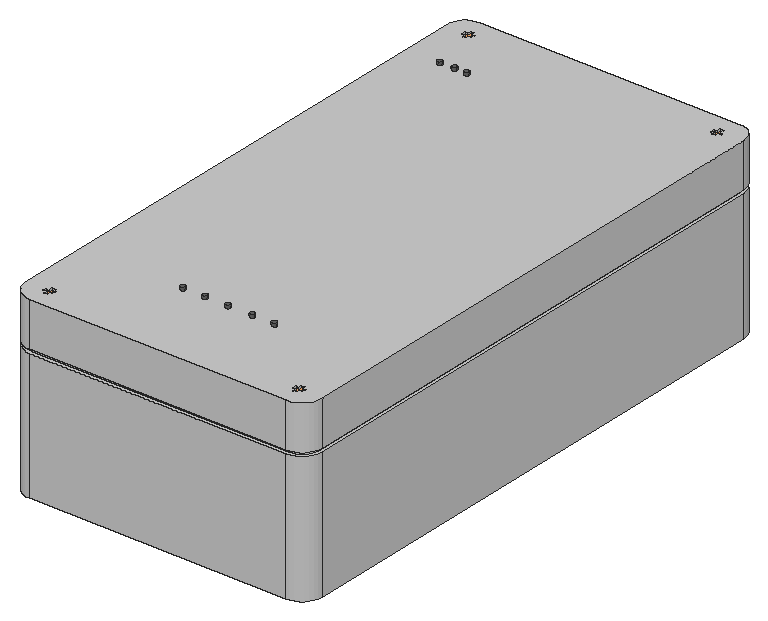
Revit family "DLCPCC", category Communication Devices, host Face, Revit 2014
Parameters
  Warranty = "5-Years Warranty"  # constant formula
  Type Comments = "Photocell Controller"  # constant formula
  Product Page URL = "https://www.hubbell.com/hubbellcontrolsolutions/en/Products/Lighting-Controls/Lighting-Controls-Sensors/Daylight-Harvesting-Controls/DLCPCC/p/220890"
  Product Documentation Link = "https://hubbellcdn.com/specsheet/5502A_DLCPCC_Cutsheet.pdf"
  URL = "https://www.hubbell.com/hubbellcontrolsolutions/en"
  Model = "DLCPCC"  # constant formula
  Manufacturer = "Hubbell Control Solutions"  # constant formula
  Width = 2.00"
  Features = "Adjustable on/off set points\r\n• Dual power unit input: 24VAC or 24VDC\r\n• Flexible control options\r\n• Input time delay\r\n• Two set points available for separate on and off levels\r\n• Five-year limited warranty\r\n• Low voltage device: 24 Vdc"  # constant formula
  Certifications = "ETL/UL 916"
  Metal = Gold
  Height = 4.50"
  Gray = Paint - Hubbell - Gray Smooth
  Description = "Hubbell Controls' DLCPCC is the ideal system for providing indoor, outdoor,\r\nor skylight control of lighting circuits based on daylight. The DLCPCC lighting\r\ncontroller automatically switches a dry contact in response to changes in natural\r\nlight levels. The DLCPCC provides a maintained single pole, double throw “Form\r\nC” relay output to drive electrically-held contactors or relays, or inputs to Building\r\nAutomation Systems. The low voltage controller requires a remotely mounted\r\nphotoconductive (PC) sensor (sold separately). "  # constant formula
  Default Elevation = 48.00"
  Create Date = "03/12/2019"
  Copyright = "Copyright © 2019 Hubbell Control Solutions"  # constant formula
  Contact Us = "https://www.hubbell.com/hubbellcontrolsolutions/en/contactUs"
  Black = Paint - Hubbell - Carbon Black
  Assembly Code = "D5090"
Reference planes (in)
  plane 1 "Center (Front/Back)": y = 13.01342
  plane 2: z = 0
  plane 3 "Center (Left/Right)": x = 0
  plane 4: z = 1.23
  plane 5: y = 15.39342
  plane 6: y = 10.63342
  plane 7: x = -1.25
  plane 8: x = 1.25
Forms (in)
  Extrusion 1, solid, material "Paint - Hubbell - Gray Smooth" <- "Gray"
    sketch origin (0, 0, 0) x (1, 0, 0) y (0, 1, 0)
      loop
        arc (-1.09689, 15.39342) -> (-1.20516, 15.34858) -> (-1.25, 15.24031) r 0.15311
        line (-1.25, 15.24031) -> (-1.25, 10.80132)
        arc (-1.25, 10.80132) -> (-1.20082, 10.6826) -> (-1.0821, 10.63342) r 0.1679
        line (-1.0821, 10.63342) -> (1.07856, 10.63342)
        arc (1.07856, 10.63342) -> (1.19979, 10.68363) -> (1.25, 10.80486) r 0.17144
        line (1.25, 10.80486) -> (1.25, 15.24347)
        arc (1.25, 15.24347) -> (1.20608, 15.3495) -> (1.10005, 15.39342) r 0.14995
        line (1.10005, 15.39342) -> (-1.09689, 15.39342)
    from 0 to 1.5
  Extrusion 2, solid, material "Gold" <- "Metal"
    sketch origin (0, 0, 0) x (1, 0, 0) y (0, 1, 0)
      loop
        circle (1.05157, 15.22238) r 0.05
      loop
        circle (-1.05157, 15.22238) r 0.05
      loop
        circle (1.05157, 10.80446) r 0.05
      loop
        circle (-1.05157, 10.80446) r 0.05
    from 1.45 to 1.49
  Extrusion 3, void
    sketch origin (0, 0, 0) x (1, 0, 0) y (0, 1, 0)
      loop
        line (-1.06742, 15.2634) -> (-1.06742, 15.17835) -> (-1.03642, 15.17835) -> (-1.03642, 15.2634) -> (-1.06742, 15.2634)
    from 1.47 to 1.5
  Extrusion 4, void
    sketch origin (0, 13.01342, 0) x (-1, 0, 0) y (0, -1, 0)
      loop
        line (1.09444, -2.22295) -> (1.09444, -2.19195) -> (1.0094, -2.19195) -> (1.0094, -2.22295) -> (1.09444, -2.22295)
    from 1.47 to 1.5
  Extrusion 5, void
    sketch origin (0, 0, 0) x (-1, 0, 0) y (0, -1, 0)
      loop
        line (-1.06742, -15.2634) -> (-1.03642, -15.2634) -> (-1.03642, -15.17835) -> (-1.06742, -15.17835) -> (-1.06742, -15.2634)
    from 1.47 to 1.5
  Extrusion 6, void
    sketch origin (0, 13.01342, 0) x (-1, 0, 0) y (0, -1, 0)
      loop
        line (-1.09444, -2.22295) -> (-1.0094, -2.22295) -> (-1.0094, -2.19195) -> (-1.09444, -2.19195) -> (-1.09444, -2.22295)
    from 1.47 to 1.5
  Extrusion 7, void
    sketch origin (0, 26.02684, 0) x (-1, 0, 0) y (0, -1, 0)
      loop
        line (-1.06742, 15.2634) -> (-1.06742, 15.17835) -> (-1.03642, 15.17835) -> (-1.03642, 15.2634) -> (-1.06742, 15.2634)
    from 1.47 to 1.5
  Extrusion 8, void
    sketch origin (0, 13.01342, 0) x (1, 0, 0) y (0, 1, 0)
      loop
        line (1.09444, -2.22295) -> (1.09444, -2.19195) -> (1.0094, -2.19195) -> (1.0094, -2.22295) -> (1.09444, -2.22295)
    from 1.47 to 1.5
  Extrusion 9, void
    sketch origin (0, 26.02684, 0) x (1, 0, 0) y (0, 1, 0)
      loop
        line (-1.06742, -15.2634) -> (-1.03642, -15.2634) -> (-1.03642, -15.17835) -> (-1.06742, -15.17835) -> (-1.06742, -15.2634)
    from 1.47 to 1.5
  Extrusion 10, void
    sketch origin (0, 13.01342, 0) x (1, 0, 0) y (0, 1, 0)
      loop
        line (-1.09444, -2.22295) -> (-1.0094, -2.22295) -> (-1.0094, -2.19195) -> (-1.09444, -2.19195) -> (-1.09444, -2.22295)
    from 1.47 to 1.5
  Sweep 11, void
    path in 3D
      loop
        arc (-1.25, 10.80132, 1.5) -> (-1.20082, 10.6826, 1.5) -> (-1.0821, 10.63342, 1.5) r 0.1679
        line (-1.0821, 10.63342, 1.5) -> (1.07856, 10.63342, 1.5)
        arc (1.07856, 10.63342, 1.5) -> (1.19979, 10.68363, 1.5) -> (1.25, 10.80486, 1.5) r 0.17144
        line (1.25, 10.80486, 1.5) -> (1.25, 15.24347, 1.5)
        arc (1.25, 15.24347, 1.5) -> (1.20608, 15.3495, 1.5) -> (1.10005, 15.39342, 1.5) r 0.14995
        line (1.10005, 15.39342, 1.5) -> (-1.09689, 15.39342, 1.5)
        arc (-1.09689, 15.39342, 1.5) -> (-1.20516, 15.34858, 1.5) -> (-1.25, 15.24031, 1.5) r 0.15311
        line (-1.25, 15.24031, 1.5) -> (-1.25, 10.80132, 1.5)
    profile origin (-1.25, 13.02082, 1.5) x (1, 0, 0) y (0, 0, 1)
      loop
        line (0, -0.37394) -> (0, -0.40494) -> (0.031, -0.40494) -> (0.031, -0.37394) -> (0, -0.37394)
  Extrusion 12, solid, material "Paint - Hubbell - Carbon Black" <- "Black"
    sketch origin (0, 13.01342, 0) x (-1, 0, 0) y (0, -1, 0)
      loop
        circle (0.38598, 1.63694) r 0.02
      loop
        circle (0.20031, 1.63694) r 0.02
      loop
        circle (0.00349, 1.63694) r 0.02
      loop
        circle (0.95743, -1.78658) r 0.02
      loop
        circle (0.83425, -1.78658) r 0.02
      loop
        circle (0.73118, -1.78658) r 0.02
      loop
        circle (-0.38598, 1.63694) r 0.02
      loop
        circle (-0.20031, 1.63694) r 0.02
    from 1.47 to 1.52
Cuts and joins
  Extrusion 3, Extrusion 4, Extrusion 5, Extrusion 6, Extrusion 7, Extrusion 8, Extrusion 9, Extrusion 10, Sweep 11 cuts Extrusion 1
Lines and regions (in)
  sketch lines
    curve 1: line (-1.25, 15.24031, 1.5) -> (-1.25, 10.80132, 1.5)
    curve 2: arc (-1.0821, 10.63342, 1.5) -> (-1.20082, 10.6826, 1.5) -> (-1.25, 10.80132, 1.5) r 0.1679
    curve 3: line (-1.0821, 10.63342, 1.5) -> (1.07856, 10.63342, 1.5)
    curve 4: line (1.25, 10.80486, 1.5) -> (1.25, 15.24347, 1.5)
    curve 5: arc (1.25, 10.80486, 1.5) -> (1.19979, 10.68363, 1.5) -> (1.07856, 10.63342, 1.5) r 0.17144
    curve 6: line (1.10005, 15.39342, 1.5) -> (-1.09689, 15.39342, 1.5)
    curve 7: arc (1.10005, 15.39342, 1.5) -> (1.20608, 15.3495, 1.5) -> (1.25, 15.24347, 1.5) r 0.14995
    curve 8: arc (-1.25, 15.24031, 1.5) -> (-1.20516, 15.34858, 1.5) -> (-1.09689, 15.39342, 1.5) r 0.15311
Dimensions and locks (in)
  aligned and locked: plane 2 to host face
  aligned and locked: level to host face
Connectors (in)
  electrical at (-0.00005, 13.01796, 1.5)
    settings: on cut or joined group of Extrusion 1, Extrusion 3, Extrusion 4, Extrusion 5, Extrusion 6, Extrusion 7, Extrusion 8, Extrusion 9, Extrusion 10, Sweep 11, index 1, voltage 0 V, apparent load 0 VA, apparent load phase1 0 VA, apparent load phase2 0 VA, apparent load phase3 0 VA, power factor 1, load classification "Other", number of poles 1, system type 14, power factor state 1, is connector primary yes, connector utility no, sub classification motor no, connector description "Photocell Controller"
